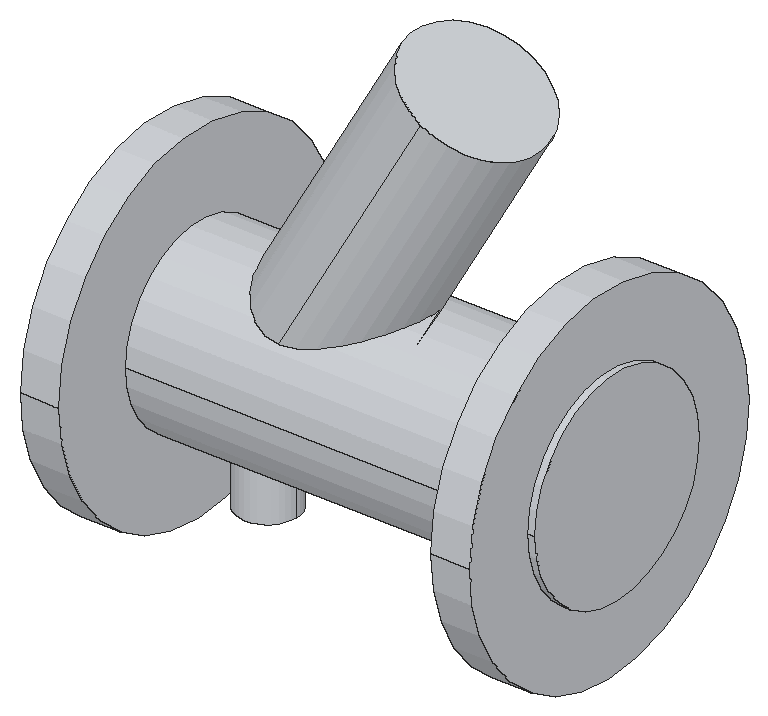
Revit family "HS 821-síto_jemné-PN40-DN040-RFA_2019", category Pipe Accessories, Revit 2019
Family settings
  Round Connector Dimension = Use Diameter
  Part Type = Breaks Into
  Work Plane-Based = No
  Always vertical = Yes
  Cut with Voids When Loaded = No
  Shared = No
Parameters (values of type "821F-DN040-PN40-síto_jemné")
  magiProductId = "b8903f952089408fbf3a5a632bab1f"
  magiProductFamilyId = "79214ac3aaa945e397802f559f5c1e"
  magiPartTypeId = 307
  isMeasuringValve [instance] = no
  ang2D [instance] = 0.00°
  ZB__ve = -ZB  # -24.5 mm
  ZB1 = 35.64 mm
  ZB = 24.5 mm
  X2 = 75.777 mm
  X1 = 28 mm
  W2D = 15 mm
  VersionID = "2.0/2017.9.26.1/ZETKAMA_821_001"
  Use Minimum Symbol Size [instance] = yes
  URL = "www.hydronic.cz"
  Type Comments = "Filtr přírubový; síto jemné; A-PN16 (-10~300°C); D-PN25 (-10~350°C); F-PN40 (-10~400°C)"
  S = 88 mm
  QmdConnectorList = "301;D;302;D"
  Productdata [instance] = ""
  Manufacturer = "Hydronic Systems Prague s.r.o."
  MC Product Code = "250 640 (821F; DN040; PN40; kvs36,6; oko síta 0,63mm)"
  LM1 = 16 mm
  LM = 160 mm
  L4 = 50 mm
  L2D_Min = 3048 mm
  L2D = 130 mm
  L2 = 100 mm
  HH2 = 131.25 mm
  FD = 150 mm
  Description = "Filtr přírubový; síto jemné; 821A-PN16; 821D-PN25; 821F-PN40"
  DM1 = 60 mm
  DM = 79.2 mm
  D = 40 mm
  CC = 3.4 mm
  CAT0 = yes
  C1 = 16.6 mm
  C = 20 mm
  BD = 24.948 mm
Types (40, lengths in mm): name | magiProductId | ZB__ve | ZB1 | ZB | X2 | X1 | S | MC Product Code | LM1 | LM | L4 | L2 | HH2 | FD | DM1 | DM | D | CC | C1 | C | BD
  821A-DN015-PN16-síto_jemné | "a71bcfe8b393460598b23e8ddf7dc5" | -16.25 | 18.63 | 16.25 | 46.982 | 18.2 | 46 | "210 115 (821A; DN015; PN16; kvs6,2; oko síta 0,63mm)" | 10.4 | 104 | 32.5 | 65 | 81.375 | 95 | 27.6 | 41.4 | 15 | 2.21 | 10.79 | 13 | 13.041
  821A-DN020-PN16-síto_jemné | "41cd6c7a12924f4991217528336076" | -17.75 | 22.68 | 17.75 | 51.673 | 21 | 56 | "210 120 (821A; DN020; PN16; kvs9,6; oko síta 0,63mm)" | 12 | 120 | 37.5 | 75 | 89.5 | 105 | 33.6 | 50.4 | 20 | 2.55 | 12.45 | 15 | 15.876
  821A-DN025-PN16-síto_jemné | "be378b463ed14c3abf4c9b3ae8cf3a" | -19.25 | 26.325 | 19.25 | 58.601 | 22.4 | 65 | "210 125 (821A; DN025; PN16; kvs14,2; oko síta 0,63mm)" | 12.8 | 128 | 40 | 80 | 101.5 | 115 | 43.2 | 58.5 | 25 | 2.72 | 13.28 | 16 | 18.427
  821A-DN032-PN16-síto_jemné | "227a0d18b21540afabe8b6067d35fa" | -23 | 30.78 | 23 | 68.849 | 25.2 | 76 | "210 132 (821A; DN032; PN16; kvs23,1; oko síta 0,63mm)" | 14.4 | 144 | 45 | 90 | 119.25 | 140 | 50.4 | 68.4 | 32 | 3.06 | 14.94 | 18 | 21.546
  821A-DN040-PN16-síto_jemné | "d106917c74724141a10440112d0102" | -24.5 | 34.02 | 24.5 | 75.777 | 28 | 84 | "210 140 (821A; DN040; PN16; kvs36,6; oko síta 0,63mm)" | 16 | 160 | 50 | 100 | 131.25 | 150 | 60 | 75.6 | 40 | 3.4 | 16.6 | 20 | 23.814
  821A-DN050-PN16-síto_jemné | "8255d456a09e4f6486734f5dd9171b" | -26.75 | 40.095 | 26.75 | 79.061 | 32.2 | 99 | "210 150 (821A; DN050 PN16; kvs53,7; oko síta 0,63mm)" | 18.4 | 184 | 57.5 | 115 | 136.938 | 165 | 73.8 | 89.1 | 50 | 3.91 | 19.09 | 23 | 28.066
  821A-DN065-PN16-síto_jemné | "235b1b3e4c0843779a4d5e3716d40a" | -29.75 | 47.79 | 29.75 | 86.927 | 40.6 | 118 | "210 165 (821A; DN065; PN16; kvs95,1; oko síta 0,63mm)" | 23.2 | 232 | 72.5 | 145 | 150.562 | 185 | 94.2 | 106.2 | 65 | 4.93 | 24.07 | 29 | 33.453
  821A-DN080-PN16-síto_jemné | "a067f7c5236348ed8c820d16df7214" | -32 | 53.46 | 32 | 104.753 | 43.4 | 132 | "210 180 (821A; DN080; PN16; kvs137,1; oko síta 0,63mm)" | 24.8 | 248 | 77.5 | 155 | 181.438 | 200 | 107.4 | 118.8 | 80 | 5.27 | 25.73 | 31 | 37.422
  821A-DN100-PN16-síto_jemné | "c49a648c2747461285837d643703cd" | -35 | 63.18 | 35 | 114.857 | 49 | 156 | "210 190 (821A; DN100; PN16; kvs206,4; oko síta 0,63mm)" | 28 | 280 | 87.5 | 175 | 198.937 | 220 | 131.4 | 140.4 | 100 | 5.95 | 29.05 | 35 | 44.226
  821A-DN125-PN16-síto_jemné | "bf68e728a163493cbd2a663b26ebdc" | -39.5 | 74.52 | 39.5 | 131.888 | 56 | 184 | "210 191 (821A; DN125; PN16; kvs268,8; oko síta 0,63mm)" | 32 | 320 | 100 | 200 | 228.438 | 250 | 165 | 165.6 | 125 | 6.8 | 33.2 | 40 | 52.164
  821A-DN150-PN16-síto_jemné | "2de770284b654863ae6bc865769dc5" | -44.75 | 85.455 | 44.75 | 155.885 | 67.2 | 211 | "210 192 (821A; DN150; PN16; kvs401,4; oko síta 0,63mm)" | 38.4 | 384 | 120 | 240 | 270 | 285 | 192 | 189.9 | 150 | 8.16 | 39.84 | 48 | 59.818
  821A-DN200-PN16-síto_jemné | "8e5693371ab64aabb29a7f08c76e15" | -53 | 107.73 | 53 | 188.361 | 84 | 266 | "210 193 (821A; DN200; PN16; kvs706,7; oko síta 0,63mm)" | 48 | 480 | 150 | 300 | 326.25 | 340 | 252 | 239.4 | 200 | 10.2 | 49.8 | 60 | 75.411
  821A-DN250-PN16-síto_jemné | "05e37ed948c34047acdd4c42556504" | -62.75 | 129.195 | 62.75 | 255.911 | 102.2 | 319 | "210 194 (821A; DN250; PN16; kvs1229,4; oko síta 0,63mm)" | 58.4 | 584 | 182.5 | 365 | 443.25 | 405 | 309.6 | 287.1 | 250 | 12.41 | 60.59 | 73 | 90.436
  821A-DN300-PN16-síto_jemné | "9ad0af747269428da925480d83ce80" | -71 | 149.85 | 71 | 325.914 | 119 | 370 | "210 195 (821A; DN300; PN16; kvs1902,4; oko síta 0,63mm)" | 68 | 680 | 212.5 | 425 | 564.5 | 460 | 369.6 | 333 | 300 | 14.45 | 70.55 | 85 | 104.895
  821A-DN350-PN16-síto_jemné | "eebc71459bb3451bb4355e7951370a" | -80 | 173.745 | 80 | 356.875 | 137.2 | 429 | "200 196 (821A; DN350; PN16; kvs2611,0; oko síta 0,63mm)" | 78.4 | 784 | 245 | 490 | 618.125 | 520 | 438 | 386.1 | 350 | 16.66 | 81.34 | 98 | 121.621
  821A-DN400-PN16-síto_jemné | "d2f677cb196647e385b2590e7d8abe" | -89 | 194.4 | 89 | 392.237 | 154 | 480 | "210 197 (821A; DN400; PN16; kvs3438,4; oko síta 0,63mm)" | 88 | 880 | 275 | 550 | 679.375 | 580 | 498 | 432 | 400 | 18.7 | 91.3 | 110 | 136.08
  821D-DN015-PN25-síto_jemné | "27ddcbf555414f8ca1fde329bf9087" | -16.25 | 18.63 | 16.25 | 46.982 | 18.2 | 46 | "210 215 (821D; DN015; PN25; kvs6,2; oko síta 0,63mm)" | 10.4 | 104 | 32.5 | 65 | 81.375 | 95 | 27.6 | 41.4 | 15 | 2.21 | 10.79 | 13 | 13.041
  821D-DN020-PN25-síto_jemné | "270e0f14012f47189cd0235c18faee" | -17.75 | 22.68 | 17.75 | 51.673 | 21 | 56 | "210 220 (821D; DN020; PN25; kvs9,6; oko síta 0,63mm)" | 12 | 120 | 37.5 | 75 | 89.5 | 105 | 33.6 | 50.4 | 20 | 2.55 | 12.45 | 15 | 15.876
  821D-DN025-PN25-síto_jemné | "b9a7fb4aa36643878c637d8e1ab992" | -19.25 | 26.325 | 19.25 | 58.601 | 22.4 | 65 | "210 225 (821D; DN025; PN25; kvs14,2; oko síta 0,63mm)" | 12.8 | 128 | 40 | 80 | 101.5 | 115 | 43.2 | 58.5 | 25 | 2.72 | 13.28 | 16 | 18.427
  821D-DN032-PN25-síto_jemné | "6be9a55c4e68400f94eec7e804204c" | -23 | 30.78 | 23 | 68.849 | 25.2 | 76 | "210 232 (821D; DN032; PN25; kvs23,1; oko síta 0,63mm)" | 14.4 | 144 | 45 | 90 | 119.25 | 140 | 50.4 | 68.4 | 32 | 3.06 | 14.94 | 18 | 21.546
  821D-DN040-PN25-síto_jemné | "c54511bd7f584ec2984291479612cb" | -24.5 | 34.02 | 24.5 | 75.777 | 28 | 84 | "210 240 (821D; DN040; PN25; kvs36,6; oko síta 0,63mm)" | 16 | 160 | 50 | 100 | 131.25 | 150 | 60 | 75.6 | 40 | 3.4 | 16.6 | 20 | 23.814
  821D-DN050-PN25-síto_jemné | "5483b1f596b04cd39b23a14a22c90e" | -26.75 | 40.095 | 26.75 | 79.061 | 32.2 | 99 | "210 250 (821D; DN050; PN25; kvs53,7; oko síta 0,63mm)" | 18.4 | 184 | 57.5 | 115 | 136.938 | 165 | 73.8 | 89.1 | 50 | 3.91 | 19.09 | 23 | 28.066
  821D-DN065-PN25-síto_jemné | "767b0f8318e94750bc7a9930ed5b30" | -29.75 | 47.79 | 29.75 | 86.927 | 40.6 | 118 | "210 265 (821D; DN065; PN25; kvs95,1; oko síta 0,63mm)" | 23.2 | 232 | 72.5 | 145 | 150.562 | 185 | 94.2 | 106.2 | 65 | 4.93 | 24.07 | 29 | 33.453
  821D-DN080-PN25-síto_jemné | "e21040fa3cc2404b858198f6b73709" | -32 | 53.46 | 32 | 104.753 | 43.4 | 132 | "210 280 (821D; DN080; PN25; kvs137,1; oko síta 0,63mm)" | 24.8 | 248 | 77.5 | 155 | 181.438 | 200 | 107.4 | 118.8 | 80 | 5.27 | 25.73 | 31 | 37.422
  821D-DN100-PN25-síto_jemné | "175ca87a506b40b3bc6b82f12f33cf" | -37.25 | 63.18 | 37.25 | 114.857 | 49 | 156 | "210 290 (821D; DN100; PN25; kvs206,4; oko síta 0,63mm)" | 28 | 280 | 87.5 | 175 | 198.937 | 235 | 131.4 | 140.4 | 100 | 5.95 | 29.05 | 35 | 44.226
  821D-DN125-PN25-síto_jemné | "77cc98d60da24855999a22dff726b2" | -42.5 | 74.52 | 42.5 | 131.888 | 56 | 184 | "210 291 (821D; DN125; PN25; kvs268,8; oko síta 0,63mm)" | 32 | 320 | 100 | 200 | 228.438 | 270 | 165 | 165.6 | 125 | 6.8 | 33.2 | 40 | 52.164
  821D-DN150-PN25-síto_jemné | "9cf8acfcd15547d68e83172d3abcbe" | -47 | 85.455 | 47 | 155.885 | 67.2 | 211 | "210 292 (821D; DN150; PN25; kvs401,4; oko síta 0,63mm)" | 38.4 | 384 | 120 | 240 | 270 | 300 | 192 | 189.9 | 150 | 8.16 | 39.84 | 48 | 59.818
  821D-DN200-PN25-síto_jemné | "16973f3c9ea14389ba8602495a6b64" | -56 | 110.97 | 56 | 188.361 | 84 | 274 | "210 293 (821D; DN200; PN25; kvs706,7; oko síta 0,63mm)" | 48 | 480 | 150 | 300 | 326.25 | 360 | 252 | 246.6 | 200 | 10.2 | 49.8 | 60 | 77.679
  821F-DN015-PN40-síto_jemné | "4c7eaf3c4c0340888b3e684d8a8616" | -16.25 | 18.225 | 16.25 | 46.982 | 18.2 | 45 | "250 615 (821F; DN015; PN40; kvs6,2; oko síta 0,63mm)" | 10.4 | 104 | 32.5 | 65 | 81.375 | 95 | 27.6 | 40.5 | 15 | 2.21 | 10.79 | 13 | 12.757
  821F-DN020-PN40-síto_jemné | "aaac5f1ec96b44d6ba96ac2293d66d" | -17.75 | 23.49 | 17.75 | 51.673 | 21 | 58 | "250 620 (821F; DN020; PN40; kvs9,6; oko síta 0,63mm)" | 12 | 120 | 37.5 | 75 | 89.5 | 105 | 33.6 | 52.2 | 20 | 2.55 | 12.45 | 15 | 16.443
  821F-DN025-PN40-síto_jemné | "504768023968471481789485b54c7e" | -19.25 | 27.54 | 19.25 | 58.601 | 22.4 | 68 | "250 625 (821F; DN025; PN40; kvs14,2; oko síta 0,63mm)" | 12.8 | 128 | 40 | 80 | 101.5 | 115 | 43.2 | 61.2 | 25 | 2.72 | 13.28 | 16 | 19.278
  821F-DN032-PN40-síto_jemné | "165e7f39cf744f329bdf1c400dad12" | -23 | 31.59 | 23 | 68.849 | 25.2 | 78 | "250 632 (821F; DN032; PN40; kvs23,1; oko síta 0,63mm)" | 14.4 | 144 | 45 | 90 | 119.25 | 140 | 50.4 | 70.2 | 32 | 3.06 | 14.94 | 18 | 22.113
  821F-DN040-PN40-síto_jemné | "b8903f952089408fbf3a5a632bab1f" | -24.5 | 35.64 | 24.5 | 75.777 | 28 | 88 | "250 640 (821F; DN040; PN40; kvs36,6; oko síta 0,63mm)" | 16 | 160 | 50 | 100 | 131.25 | 150 | 60 | 79.2 | 40 | 3.4 | 16.6 | 20 | 24.948
  821F-DN050-PN40-síto_jemné | "c451f97266fe48da8f879cb6a2bd44" | -26.75 | 41.31 | 26.75 | 79.061 | 32.2 | 102 | "250 650 (821F; DN050; PN40; kvs53,7; oko síta 0,63mm)" | 18.4 | 184 | 57.5 | 115 | 136.938 | 165 | 73.8 | 91.8 | 50 | 3.91 | 19.09 | 23 | 28.917
  821F-DN065-PN40-síto_jemné | "dc9821e3f9b34e128f6a8c6b34c198" | -29.75 | 49.41 | 29.75 | 86.927 | 40.6 | 122 | "250 665 (821F; DN065; PN40; kvs95,1; oko síta 0,63mm)" | 23.2 | 232 | 72.5 | 145 | 150.562 | 185 | 94.2 | 109.8 | 65 | 4.93 | 24.07 | 29 | 34.587
  821F-DN080-PN40-síto_jemné | "689aa1e260f84cf4994f027a1d86b5" | -32 | 55.89 | 32 | 104.753 | 43.4 | 138 | "250 680 (821F; DN080; PN40; kvs137,1; oko síta 0,63mm)" | 24.8 | 248 | 77.5 | 155 | 181.438 | 200 | 107.4 | 124.2 | 80 | 5.27 | 25.73 | 31 | 39.123
  821F-DN100-PN40-síto_jemné | "8a45d4e8e2ab425f8c432f21d684f3" | -37.25 | 65.61 | 37.25 | 114.857 | 49 | 162 | "250 690 (821F; DN100; PN40; kvs206,4; oko síta 0,63mm)" | 28 | 280 | 87.5 | 175 | 198.937 | 235 | 131.4 | 145.8 | 100 | 5.95 | 29.05 | 35 | 45.927
  821F-DN125-PN40-síto_jemné | "cf073904c006406b8645afa67ea2fc" | -42.5 | 76.14 | 42.5 | 131.888 | 56 | 188 | "250 691 (821F; DN125; PN40; kvs268,8; oko síta 0,63mm)" | 32 | 320 | 100 | 200 | 228.438 | 270 | 165 | 169.2 | 125 | 6.8 | 33.2 | 40 | 53.298
  821F-DN150-PN40-síto_jemné | "0153b9ddabe14992a630484929fdbc" | -47 | 88.29 | 47 | 155.885 | 67.2 | 218 | "250 692 (821F; DN150; PN40; kvs401,4; oko síta 0,63mm)" | 38.4 | 384 | 120 | 240 | 270 | 300 | 192 | 196.2 | 150 | 8.16 | 39.84 | 48 | 61.803
  821F-DN200-PN40-síto_jemné | "7fb3fc01dd8d42428c203e3f8dd4d5" | -56 | 115.425 | 56 | 188.361 | 84 | 285 | "250 693 (821F; DN200; PN40; kvs706,7; oko síta 0,63mm)" | 48 | 480 | 150 | 300 | 326.25 | 360 | 252 | 256.5 | 200 | 10.2 | 49.8 | 60 | 80.797
Reference planes
  plane 1 "Center (Front/Back)": y = 0
  plane 2 "XYPLANE": z = 0
  plane 3 "Center (Left/Right)": x = 0
  plane 4 "109": x = -64
  plane 5 "108": x = 80
  plane 6 "107": x = -80
  plane 7 "105": x = 100
  plane 8 "104": x = -100
  plane 9 "103": y = 0
  plane 10 "102": z = 0
  plane 11 "101": x = -96.6
  plane 12 "100": x = 96.6
  plane 13 "11": x = -36
  plane 14 "10": z = 131.25
  plane 15 "9": x = 39.777
  plane 16 "5": z = -35.64
  plane 17 "4": x = -50
  plane 18 "1": x = 50
Forms (mm)
  Extrusion 1, solid, visible <- "CAT0"
    sketch origin (-80, -750, 0) x (0, 1, 0) y (0, 0, 1)
      loop
        circle (750, 0) r 39.6
    from 0 to 160 <- "LM"
  Extrusion 2, solid
    sketch origin (-100, -750, 0) x (0, 1, 0) y (0, 0, 1)
      loop
        circle (750, 0) r 44
    from 0 to 3.4 <- "CC"
  Extrusion 3, solid
    sketch origin (-96.6, -750, 0) x (0, 1, 0) y (0, 0, 1)
      loop
        circle (750, 0) r 75
    from 0 to 16.6 <- "C1"
  Extrusion 4, solid
    sketch origin (80, -750, 0) x (0, 1, 0) y (0, 0, 1)
      loop
        circle (750, 0) r 75
    from 0 to 16.6 <- "C1"
  Extrusion 5, solid
    sketch origin (96.6, -750, 0) x (0, 1, 0) y (0, 0, 1)
      loop
        circle (750, 0) r 44
    from 0 to 3.4 <- "CC"
  Sweep 6, solid, visible <- "CAT0"
    path origin (750, 0, 0) x (-1, 0, 0) y (0, 0, 1)
      loop
        line (830, 0) -> (786, 0) -> (710.223, 131.25)
    profile origin (-80, 0, 0) x (0, 0, -1) y (0, 1, 0)
      loop
        circle (0, 0) r 30
  Extrusion 7, solid, visible <- "CAT0"
    sketch origin (-750, 0, -35.64) x (1, 0, 0) y (0, 1, 0)
      loop
        circle (700, 0) r 12.474
    from 0 to -24.5 <- "ZB__ve"
  Extrusion 8, solid, visible <- "CAT0"
    sketch origin (-750, 0, -35.64) x (1, 0, 0) y (0, 1, 0)
      loop
        circle (800, 0) r 12.474
    from 0 to -24.5 <- "ZB__ve"
  Extrusion 9, solid, not visible
    sketch origin (100, -750, 0) x (0, 1, 0) y (0, 0, 1)
      loop
        circle (750, 0) r 10
    from 0 to -10
  Extrusion 10, solid, not visible
    sketch origin (-100, -750, 0) x (0, 1, 0) y (0, 0, 1)
      loop
        circle (750, 0) r 10
    from 0 to 10
Lines and regions (mm)
  reference lines, not visible
    curve 1: circle (2, 2, 0) r 1 normal (0, 0, 1)
Dimensions and locks
  plane 1 "Center (Front/Back)" to curve 1 = 2 mm
  "LM1": plane 6 "107" to plane 4 "109"
  "LM": plane 6 "107" to plane 5 "108"
  "C": plane 8 "104" to plane 6 "107"
  "L2": plane 3 "Center (Left/Right)" to plane 7 "105"
  "L2": plane 3 "Center (Left/Right)" to plane 8 "104"
  locked: plane 1 "Center (Front/Back)" to plane 9 "103"
  locked: plane 2 "XYPLANE" to plane 10 "102"
  "CC": plane 8 "104" to plane 11 "101"
  "C1": plane 5 "108" to plane 12 "100"
  "X1": plane 4 "109" to plane 13 "11"
  "HH2": plane 2 "XYPLANE" to plane 14 "10"
  "X2": plane 13 "11" to plane 15 "9"
  "ZB1": plane 2 "XYPLANE" to plane 16 "5"
  "L4": plane 8 "104" to plane 17 "4"
  "L2": plane 17 "4" to plane 18 "1"
  Sweep 6 sketch curve to Sweep 6 sketch curve = 0 mm  (x2)
  "DM": diameter of Extrusion 1 sketch curve
  "S": diameter of Extrusion 2 sketch curve
  "FD": diameter of Extrusion 3 sketch curve
  "FD": diameter of Extrusion 4 sketch curve
  "S": diameter of Extrusion 5 sketch curve
  "DM1": diameter of Sweep 6 sketch curve
  "BD": diameter of Extrusion 7 sketch curve
  "BD": diameter of Extrusion 8 sketch curve
  aligned and locked: level to plane 2 "XYPLANE"
  aligned and locked: Extrusion 1 sketch curve to plane 9 "103"
  aligned and locked: plane 10 "102" to Extrusion 1 sketch curve
  aligned and locked: Extrusion 2 sketch curve to plane 9 "103"
  aligned and locked: plane 10 "102" to Extrusion 2 sketch curve
  aligned and locked: Extrusion 3 sketch curve to plane 9 "103"
  aligned and locked: plane 10 "102" to Extrusion 3 sketch curve
  aligned and locked: Extrusion 4 sketch curve to plane 9 "103"
  aligned and locked: plane 10 "102" to Extrusion 4 sketch curve
  aligned and locked: Extrusion 5 sketch curve to plane 9 "103"
  aligned and locked: plane 10 "102" to Extrusion 5 sketch curve
  aligned and locked: Sweep 6 sketch curve to plane 9 "103"
  aligned and locked: plane 10 "102" to Sweep 6 sketch curve  (x3)
  aligned and locked: plane 6 "107" to Sweep 6 sketch curve
  aligned and locked: plane 13 "11" to Sweep 6 sketch curve
  aligned and locked: plane 14 "10" to Sweep 6 sketch curve
  aligned and locked: plane 15 "9" to Sweep 6 sketch curve
  aligned and locked: plane 9 "103" to Extrusion 7 sketch curve
  aligned and locked: plane 17 "4" to Extrusion 7 sketch curve
  aligned and locked: plane 9 "103" to Extrusion 8 sketch curve
  aligned and locked: plane 18 "1" to Extrusion 8 sketch curve
  aligned and locked: Extrusion 9 sketch curve to plane 9 "103"
  aligned and locked: plane 10 "102" to Extrusion 9 sketch curve
  aligned and locked: Extrusion 10 sketch curve to plane 9 "103"
  aligned and locked: plane 10 "102" to Extrusion 10 sketch curve
Automatic sketch dimensions
  plane 1 "Center (Front/Back)" to Extrusion 9 sketch curve = 10 mm
  plane 1 "Center (Front/Back)" to Extrusion 10 sketch curve = 10 mm
  plane 3 "Center (Left/Right)" to curve 1 = 2 mm
  radius of curve 1 = 1 mm
Connectors
  piping at (-100, 0, 0), diameter 40, driven by "D"
    settings: on Extrusion 10, index 1, connector inside diameter 609.6 mm, connector length 0 mm, flow factor 0, pipe flow 0.0 L/s, pressure drop 0.0 Pa, fitting loss kfactor 0, connector angle 0.00°, fixture units 0, engagement length 0 mm, angle of deflection 0.00°, flow configuration 0, flow direction 0, fitting loss method 0, system type 29, joint type 0, gender type 0, connector reference index 2, connector utility 0, adjustable connector no, is connector primary yes, connector description ""
  piping at (100, 0, 0), diameter 40, driven by "D"
    settings: on Extrusion 9, index 2, connector inside diameter 609.6 mm, connector length 0 mm, flow factor 0, pipe flow 0.0 L/s, pressure drop 0.0 Pa, fitting loss kfactor 0, connector angle 0.00°, fixture units 0, engagement length 0 mm, angle of deflection 0.00°, flow configuration 0, flow direction 0, fitting loss method 0, system type 29, joint type 0, gender type 0, connector reference index 1, connector utility 0, adjustable connector no, is connector primary no, connector description ""
